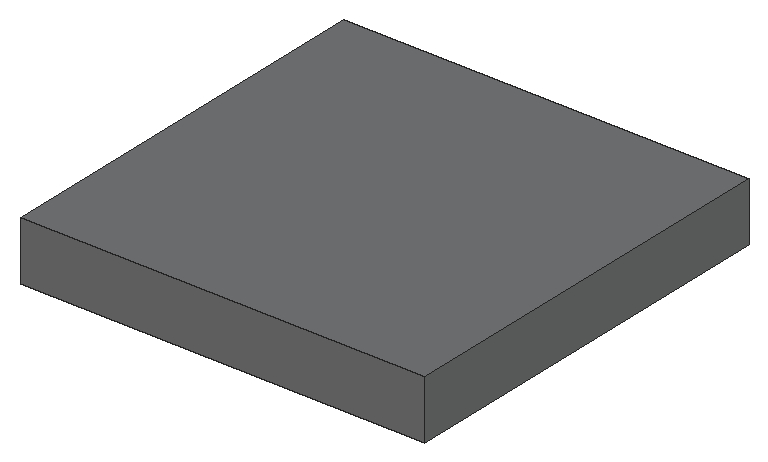
Revit family "Gira_026801", category Electrical Fixtures, host Face, Revit 2017
Family settings
  Host = Face
  Maintain Annotation Orientation = No
  Round Connector Dimension = Use Diameter
  Part Type = Normal
  Cut with Voids When Loaded = No
  Shared = No
  Room Calculation Point = No
Parameters (values of type "Blank cov.pl. sup.ring System 55 cr.white")
  With strain relief = "No"
  With imprint = "No"
  With hinged lid = "No"
  With dust cover = "No"
  Utilization = "Blind cap"
  URL = "http://katalog.gira.de/en/datenblatt.html?artikelnr=026801"
  Type of fastening = "Mounting with screw"
  Transparent = "No"
  Surface protection = "Other"
  Surface finishing = "Glossy"
  Support ring = "Yes"
  Suitable for degree of protection (IP) = "IP20"
  RAL-number (akin) = "1013"
  Name = "Blank cov.pl. sup.ring System 55 cr.white"
  Mounting method = "Flush mounted (plaster)"
  Material quality = "Thermoplastic"
  Material = "Plastic"
  Manufacturer URL = "https://www.gira.de/"
  Manufacturer = "Gira"
  Luster terminal = "No"
  Keynote = ""
  Imprintable label = "Without indication field"
  HeinzeBIM = "https://bimportal.heinze.de/bim/blank-cov-pl-sup-ring-system-55-cr-white/e26a836528c4f254fd446f2be50a7cdccb717a2d"
  Halogen free = "Yes"
  HAN = "026801"
  GTIN = "4010337268017"
  Description = "Bl.cov.pl.sup.r. Sys55 CW,Blank cover plate with support ring,,cream white glossy,Notes :,- For screw mounting only."
  Default Elevation = 1219.2 mm
  Data sheet (1) = "https://katalog.gira.de/en/download.html?artikelnr=026801"
  Colour = "Cream white (electro white)"
  Category = "Insert/cover for communication technology"
  BIM (1) = "https://media.stage.bim.site/public/gira/36a6b08/Sys55_Abdeckung_Schalten und Tasten.rfa?public/gira/36a6b08/Sys55_Abdeckung_Schalten und Tasten.rfa"
  Available = "No"
  Assembly arrangement = "Control element"
  Anthrazit [instance] = Anthrazit
Reference planes
  plane 1 "Center (Front/Back)": y = 0
  plane 2: z = 0
  plane 3 "Center (Left/Right)": x = 0
Forms (mm)
  Extrusion 1, solid, material "Anthrazit" <- "Anthrazit", detail levels fine
    sketch origin (0, 0, 0) x (1, 0, 0) y (0, 1, 0)
      loop
        line (-27.5, 27.5) -> (-27.5, -27.5) -> (27.5, -27.5) -> (27.5, 27.5) -> (-27.5, 27.5)
    from 0 to 8
  Extrusion 2, void
    sketch origin (0, 0, 0) x (1, 0, 0) y (0, 1, 0)
      loop
        line (26, 26) -> (-26, 26) -> (-26, -26) -> (26, -26) -> (26, 26)
    from 0 to 6
  Extrusion 3, solid, material "Anthrazit" <- "Anthrazit", detail levels medium
    sketch origin (0, 0, 0) x (1, 0, 0) y (0, 1, 0)
      loop
        line (-27.5, 27.5) -> (-27.5, -27.5) -> (27.5, -27.5) -> (27.5, 27.5) -> (-27.5, 27.5)
    from 0 to 8
  Extrusion 4, solid, material "Anthrazit" <- "Anthrazit", detail levels medium
    sketch origin (0, 0, 0) x (1, 0, 0) y (0, 1, 0)
      loop
        line (11, -17.5) -> (11, 17.5) -> (-11, 17.5) -> (-11, -17.5) -> (11, -17.5)
    from -6 to 6
  Extrusion 5, solid, material "Anthrazit" <- "Anthrazit", detail levels fine
    sketch origin (0, 0, 0) x (1, 0, 0) y (0, 1, 0)
      loop
        line (11, 17.5) -> (-11, 17.5) -> (-11, 16.5) -> (11, 16.5) -> (11, 17.5)
      loop
        line (-11, -16.5) -> (-11, -17.5) -> (11, -17.5) -> (11, -16.5) -> (-11, -16.5)
    from -4 to 6
  Extrusion 6, solid, material "Anthrazit" <- "Anthrazit", detail levels fine
    sketch origin (0, 0, 0) x (1, 0, 0) y (0, 1, 0)
      loop
        arc (5, 9.347) -> (0, 10.6) -> (-5, 9.347) r 10.6
        line (-5, 9.347) -> (-5, -9.347)
        arc (-5, -9.347) -> (0, -10.6) -> (5, -9.347) r 10.6
        line (5, -9.347) -> (5, 9.347)
    from -6 to 6
  Extrusion 7, solid, material "Anthrazit" <- "Anthrazit", detail levels coarse
    sketch origin (0, 0, 0) x (1, 0, 0) y (0, 1, 0)
      loop
        line (-27.5, 27.5) -> (-27.5, -27.5) -> (27.5, -27.5) -> (27.5, 27.5) -> (-27.5, 27.5)
    from -6 to 8
Cuts and joins
  Extrusion 2 cuts Extrusion 1
Dimensions and locks
  aligned and locked: plane 2 to host face
  aligned and locked: level to host face
